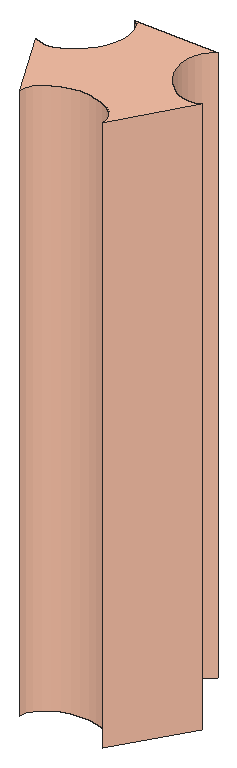
Revit family "$Player_Mouse", category Generic Models, Revit 2020
Family settings
  Can host rebar = No
  Round Connector Dimension = Use Diameter
  Part Type = Normal
  Work Plane-Based = No
  Always vertical = Yes
  Cut with Voids When Loaded = No
  Shared = No
  Room Calculation Point = No
Parameters (values of type "SD")
  yes = 2 > 1  # yes
  show_standard [instance] = not(show_overweight)  # yes
  show_overweight [instance] = _property_is_overweight  # no
  no = not(yes)  # no
  mat. = team #2
  _property_team = "team #2"
  _property_positionID = -50
  _property_paycheck = 0
  _property_name = "康"
  _property_luck = 50
  _property_is_overweight = no
  _property_hold_status = "Starter"
  _property_hold_amount = 1
  _asset_tools = ""
  _asset_skills = ""
  _asset_money = 5000
  _asset_direction = 1
  Default Elevation = 0 mm
Reference planes
  plane 1 "Center (Front/Back)": y = 0
  plane 2: z = 0
  plane 3 "Center (Left/Right)": x = 0
Forms (mm)
  Extrusion 1, solid, material "team #2" <- "mat.", visible <- "show_standard"
    sketch origin (0, 0, 0) x (1, 0, 0) y (0, 1, 0)
      loop
        line (129.254, 226.289) -> (-129.254, 226.289)
        spline (-129.254, 226.289) -> (-111.384, 210.886) -> (-99.136, 188.905) -> (-93.345, 161.843) -> (-94.405, 131.544) -> (-102.244, 100.074) -> (-116.328, 69.577) -> (-135.698, 42.131) -> (-159.032, 19.607) -> (-184.741, 3.54) -> (-211.073, -4.976) -> (-236.233, -5.359) -> (-258.508, 2.415)
        line (-258.508, 2.415) -> (-129.254, -221.459)
        spline (-129.254, -221.459) -> (-124.85, -198.282) -> (-111.937, -176.684) -> (-91.396, -158.138) -> (-64.627, -143.907) -> (-33.453, -134.961) -> (0, -131.91) -> (33.453, -134.961) -> (64.627, -143.907) -> (91.396, -158.138) -> (111.937, -176.684) -> (124.85, -198.282) -> (129.254, -221.459)
        line (129.254, -221.459) -> (258.508, 2.415)
        spline (258.508, 2.415) -> (236.233, -5.359) -> (211.073, -4.976) -> (184.741, 3.54) -> (159.032, 19.607) -> (135.698, 42.131) -> (116.328, 69.577) -> (102.244, 100.074) -> (94.405, 131.544) -> (93.345, 161.843) -> (99.136, 188.905) -> (111.384, 210.886) -> (129.254, 226.289)
    from 0 to 1750
  Extrusion 2, solid, material "team #2" <- "mat.", visible <- "show_overweight"
    sketch origin (0, 0, 0) x (1, 0, 0) y (0, 1, 0)
      loop
        line (250, 433.013) -> (-250, 433.013)
        spline (-250, 433.013) -> (-215.436, 403.221) -> (-191.747, 360.705) -> (-180.546, 308.362) -> (-182.596, 249.76) -> (-197.759, 188.891) -> (-225, 129.904) -> (-262.464, 76.819) -> (-307.596, 33.253) -> (-357.322, 2.176) -> (-408.253, -14.295) -> (-456.918, -15.037) -> (-500, 0)
        line (-500, 0) -> (-250, -433.013)
        spline (-250, -433.013) -> (-241.481, -388.184) -> (-216.506, -346.41) -> (-176.777, -310.538) -> (-125, -283.013) -> (-64.705, -265.709) -> (0, -259.808) -> (64.705, -265.709) -> (125, -283.013) -> (176.777, -310.538) -> (216.506, -346.41) -> (241.481, -388.184) -> (250, -433.013)
        line (250, -433.013) -> (500, 0)
        spline (500, 0) -> (456.918, -15.037) -> (408.253, -14.295) -> (357.322, 2.176) -> (307.596, 33.253) -> (262.464, 76.819) -> (225, 129.904) -> (197.759, 188.891) -> (182.596, 249.76) -> (180.546, 308.362) -> (191.747, 360.705) -> (215.436, 403.221) -> (250, 433.013)
    from 0 to 1300
Dimensions and locks
  aligned and locked: plane 2 to level
  aligned and locked: plane 1 "Center (Front/Back)" to nested 1
  aligned and locked: plane 3 "Center (Left/Right)" to nested 1
Nested families
  nested 1: "NAME_SYMBOL" at (0, 0, 0), _property_name <- "_property_name", _property_positionID <- "_property_positionID", type "NAME_SYMBOL"
    with _property_positionID -50, _property_name "康"
Definition of nested family "NAME_SYMBOL"
  Parameters (values of type "NAME_SYMBOL")
    _property_positionID [instance] = 0
    _property_name [instance] = ""
  Reference planes
    plane 1: y = 0
    plane 2: x = 0
  Lines and regions (mm)
    detail lines
      curve 1: line (-15, -5, 0) -> (15, -5, 0)
      curve 2: line (-15, 5, 0) -> (-15, -5, 0)
      curve 3: line (15, 5, 0) -> (-15, 5, 0)
      curve 4: line (15, -5, 0) -> (15, 5, 0)
  Text (mm)
    label "A\npositionID = _property_positionID" at (0.077, 0.299, 0), shows "_property_name", "_property_positionID"
